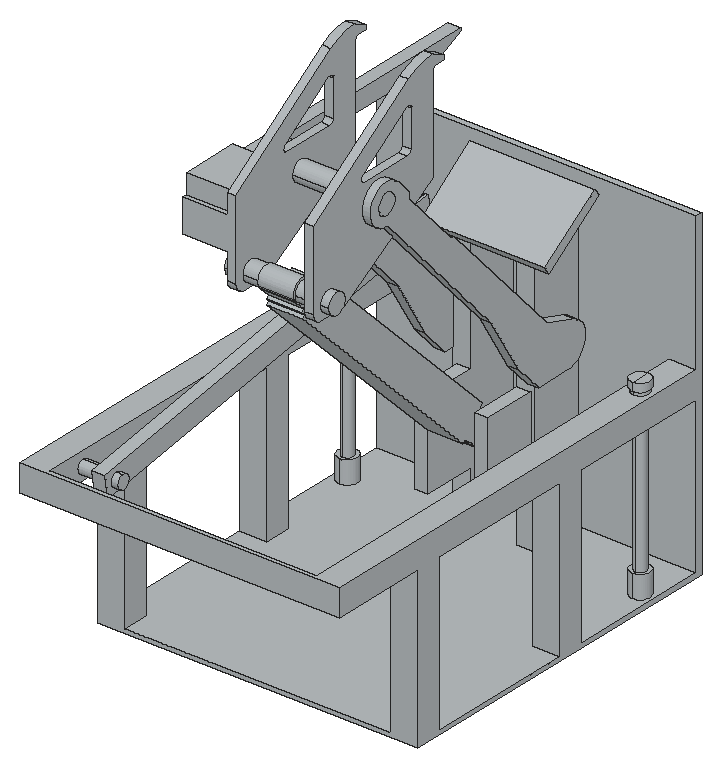
Revit family "DockEquipment_Restraint_Pentalift_MFR32SA", category Specialty Equipment, Revit 2026
Family settings
  Round Connector Dimension = Use Diameter
  Part Type = Normal
  Work Plane-Based = Yes
  Enable Cutting in Views = No
  Always vertical = No
  Cut with Voids When Loaded = No
  Maintain Annotation Orientation = No
  Shared = No
  Room Calculation Point = No
Parameters
  offset [instance] = 0' - 0"
  Warranty Duration (Years) = 0
  Unit Width = 1' - 6"
  Unit Height = 1' - 6 1/4"
  Unit Depth = 2' - 1 1/2"
  URL = "http://www.pentalift.com/index.php"
  Specification = ""
  SpecWizard = ""
  Send Message = "http://www.arcat.com/users.pl?action=UserEmail&company=Pentalift Equipment Corp.&coid=34752&rep=119&fax=519-763-2894&mf="
  Sales Information = "http://www.pentalift.com/about-us.htm"
  Revision = "R1_01-2012"
  Product Properties = ""
  Product Data = "http://www.arcat.com/arcatcos/cos34/arc34752.html"
  Model = "As Specified"
  Material = Metal - Steel - Pentalift - Galvanized
  Manufacturer Website = "http://www.pentalift.com/index.php"
  Manufacturer Phone - Toll Free = ""
  Manufacturer Phone = "519-763-3625 "
  Manufacturer Fax = "519-763-2894"
  Manufacturer Address = "21 Nicholas Beaver Rd. Guelph, ON, Canada N1H 6H9 "
  Manufacturer = "Pentalift Equipment Corp."
  Maintenance Schedule (Months) = 0
  Keynote = "11160"
  Installation-Fabrication = ""
  Installation Phase = ""
  Green Building-LEED = ""
  Expected Lifespan (Years) = 0
  Drawn By = "Sumex Design, Inc. / Robert S. Weygant, CSI, CDT, SCIP"
  Description = "Pentalift Dock Equipment as Specified"
  Default Elevation = 4' - 0"
  Copyright = "©Arcat Inc."
  Construction Details = "http://www.arcat.com/details/pentalif/pentalif.html?coid=34752"
  Assembly Code = "E1030300"
  Arm Angle [instance] = 45.00°
Reference planes (in)
  plane 1 "Center (Front/Back)": y = 0
  plane 2 "Bottom": z = 0
  plane 3 "Center (Left/Right)": x = 0
  plane 4 "Front": y = -12.75
  plane 5 "Back": y = 12.75
  plane 6 "Left": x = -9
  plane 7 "Right": x = 9
  plane 8 "Top": z = 18.25
  plane 9: z = 10.5
  plane 10: x = -8.25
  plane 11: x = 8.25
  plane 12: z = 6.75
  plane 13: z = 10.25
Forms (in)
  Sweep 1, solid, material "Metal - Steel - Pentalift - Galvanized" <- "Material"
    path origin (-9, 0, 0) x (0, 1, 0) y (0, 0, 1)
      loop
        line (12.75, 10.5) -> (-12.75, 10.5)
    profile origin (-9, 0, 10.5) x (0, 0, -1) y (1, 0, 0)
      loop
        line (0, 0) -> (1.5, 0) -> (1.5, 1.5) -> (0, 1.5) -> (0, 0)
  Sweep 2, solid, material "Metal - Steel - Pentalift - Galvanized" <- "Material"
    path origin (9, 16.34522, 48) x (0, 1, 0) y (0, 0, 1)
      loop
        line (-3.59522, -37.5) -> (-29.09522, -37.5)
    profile origin (9, 0, 10.5) x (0, 0, -1) y (1, 0, 0)
      loop
        line (0, 0) -> (0, -1.5) -> (1.5, -1.5) -> (1.5, 0) -> (0, 0)
  Extrusion 3, solid, material "Metal - Steel - Pentalift - Galvanized" <- "Material"
    sketch origin (-9, 0, 0) x (0, 1, 0) y (0, 0, 1)
      loop
        line (12.75, 18.25) -> (12.375, 18.25) -> (12.375, 0.25) -> (-7.25, 0.25) -> (-7.25, 0) -> (12.75, 0) -> (12.75, 18.25)
    from 0 to 18
  Extrusion 4, solid, material "Metal - Steel - Pentalift - Galvanized" <- "Material"
    sketch origin (0, 0, 0) x (1, 0, 0) y (0, 1, 0)
      loop
        line (-7.5, 2.75) -> (-7.5, 4.25) -> (-9, 4.25) -> (-9, 2.75) -> (-7.5, 2.75)
      loop
        line (7.5, 2.75) -> (9, 2.75) -> (9, 4.25) -> (7.5, 4.25) -> (7.5, 2.75)
      loop
        line (-7.5, -7.25) -> (-7.5, -5.75) -> (-9, -5.75) -> (-9, -7.25) -> (-7.5, -7.25)
      loop
        line (7.5, -7.25) -> (9, -7.25) -> (9, -5.75) -> (7.5, -5.75) -> (7.5, -7.25)
    from 0 to 10.5
  Extrusion 5, solid, material "Metal - Steel - Pentalift - Galvanized" <- "Material"
    sketch origin (0, -0.12502, 0) x (1, 0, 0) y (0, 1, 0)
      loop
        line (-2.3125, 12.5) -> (-2.3125, 9.5) -> (-1.3125, 9.5) -> (-1.3125, 12.5) -> (-2.3125, 12.5)
      loop
        line (2.3125, 12.5) -> (1.3125, 12.5) -> (1.3125, 9.5) -> (2.3125, 9.5) -> (2.3125, 12.5)
    from 0 to 15.27438
  Extrusion 6, solid, material "Metal - Steel - Pentalift - Galvanized" <- "Material"
    sketch origin (0, -0.12502, 0) x (0, 1, 0) y (0, 0, 1)
      loop
        line (12.21321, 17.78458) -> (8.73182, 15.34688) -> (9.0186, 14.9373) -> (12.5, 17.375) -> (12.21321, 17.78458)
    from -3.5 to 3.5
  Extrusion 7, solid, material "Metal - Steel - Pentalift - Galvanized" <- "Material"
    sketch origin (-9, 16.34522, 48) x (0, 1, 0) y (0, 0, 1)
      loop
        line (-29.09522, -39) -> (-28.84522, -39) -> (-28.84522, -37.5) -> (-29.09522, -37.5) -> (-29.09522, -39)
    from 0 to 18
  Revolve 8, solid, material "Metal - Steel - Pentalift - Galvanized" <- "Material"
    sketch origin (-8.25, -180, 7.53057) x (0, 0, -1) y (0, -1, 0)
      loop
        line (7.28057, -189.37498) -> (7.28057, -188.8335) -> (6.03057, -188.8335) -> (6.03057, -189.0625) -> (-2.96943, -189.0625) -> (-2.96943, -188.9145) -> (-3.17243, -188.9145) -> (-3.17243, -188.8335) -> (-3.61643, -188.8335) -> (-3.61643, -189.37498) -> (7.28057, -189.37498)
      axis (-3.61643, -189.37498) -> (7.28057, -189.37498)
    angle from 0 to 360
  Revolve 9, solid, material "Metal - Steel - Pentalift - Galvanized" <- "Material"
    sketch origin (8.25, -180, 7.28057) x (0, 0, -1) y (0, -1, 0)
      loop
        line (7.03057, -189.37498) -> (7.03057, -188.8335) -> (5.78057, -188.8335) -> (5.78057, -189.0625) -> (-3.21943, -189.0625) -> (-3.21943, -188.9145) -> (-3.42243, -188.9145) -> (-3.42243, -188.8335) -> (-3.86643, -188.8335) -> (-3.86643, -189.37498) -> (7.03057, -189.37498)
      axis (-3.86643, -189.37498) -> (7.03057, -189.37498)
    angle from 0 to 360
  Extrusion 10, solid, material "Metal - Steel - Pentalift - Galvanized" <- "Material"
    sketch origin (0, 0, 0) x (0, 1, 0) y (0, 0, 1)
      loop
        line (6.37498, 8.25) -> (6.37498, 3.25) -> (9.37498, 3.25) -> (9.37498, 8.25) -> (6.37498, 8.25)
    from -1.3125 to -2.0625
  Extrusion 11, solid, material "Metal - Steel - Pentalift - Galvanized" <- "Material"
    sketch origin (0, 0, 0) x (0, 1, 0) y (0, 0, 1)
      loop
        line (6.37498, 8.25) -> (6.37498, 3.25) -> (9.37498, 3.25) -> (9.37498, 8.25) -> (6.37498, 8.25)
    from 1.3125 to 2.0625
  Extrusion 12, solid, material "Metal - Steel - Pentalift - Galvanized" <- "Material"
    sketch origin (0, 10.875, 10.25) x (0, -0.707107, 0.707107) y (0, -0.707107, -0.707107)
      loop
        line (16.5939, -0.80727) -> (16.85622, -1.07069) -> (17.94534, -1.12367)
        arc (17.94534, -1.12367) -> (19.04808, 0.40883) -> (17.19891, 0.78986) r 1.125
        line (17.19891, 0.78986) -> (6.32199, 1.319) -> (2.58493, 2.22134) -> (0.55818, 2.31994) -> (-0.88203, 0.88573)
        arc (-0.88203, 0.88573) -> (-1.01344, -0.73174) -> (0.56323, -1.11592) r 1.25
        line (0.56323, -1.11592) -> (2.30413, -0.23724) -> (11.98018, -0.70797) -> (12.23372, -0.59515) -> (16.5939, -0.80727)
    from 2.9375 to 2.3125
  Extrusion 13, solid, material "Metal - Steel - Pentalift - Galvanized" <- "Material"
    sketch origin (0, -5.35292, 19.47792) x (0, 0.707107, -0.707107) y (0, 0.707107, 0.707107)
      loop
        line (1.50897, 1) -> (1.50818, 0.62185) -> (0.00261, 0.62499)
        arc (0.00261, 0.62499) -> (-0.62499, 0.00261) -> (-0.00261, -0.62499) r 0.625
        line (-0.00261, -0.62499) -> (0.75041, -0.62657) -> (0.75, -0.8211) -> (1.00037, -0.82163) -> (1, -1) -> (16.99581, -1) -> (16.99621, -0.81001) -> (17.25, -0.81054) -> (17.25013, -0.74843) -> (17.99687, -0.74999)
        arc (17.99687, -0.74999) -> (18.74999, -0.00313) -> (18.00313, 0.74999) r 0.75
        line (18.00313, 0.74999) -> (16.87842, 0.75234) -> (16.87894, 1) -> (1.50897, 1)
    from -1 to 1
  Extrusion 14, solid, material "Metal - Steel - Pentalift - Galvanized" <- "Material"
    sketch origin (0, 10.875, 10.25) x (0, -0.707107, 0.707107) y (0, -0.707107, -0.707107)
      loop
        line (16.5939, -0.80727) -> (16.85622, -1.07069) -> (17.94534, -1.12367)
        arc (17.94534, -1.12367) -> (19.04808, 0.40883) -> (17.19891, 0.78986) r 1.125
        line (17.19891, 0.78986) -> (6.32199, 1.319) -> (2.58493, 2.22134) -> (0.55818, 2.31994) -> (-0.88203, 0.88573)
        arc (-0.88203, 0.88573) -> (-1.01344, -0.73174) -> (0.56323, -1.11592) r 1.25
        line (0.56323, -1.11592) -> (2.30413, -0.23724) -> (11.98018, -0.70797) -> (12.23372, -0.59515) -> (16.5939, -0.80727)
    from -2.9375 to -2.3125
  Sweep 15, solid, material "Metal - Steel - Pentalift - Galvanized" <- "Material"
    path origin (-8.25, -180, 7.53057) x (0, 0, -1) y (0, -1, 0)
      loop
        line (-6.2895, -191.46991) -> (-2.73061, -169)
    profile origin (-8.25, 0.23495, 12.04063) x (0, -0.156434, 0.987688) y (-1, 0, 0)
      loop
        line (0, -1.875) -> (-1.25, -1.875) -> (-1.25, -2.625) -> (0, -2.625) -> (0, -1.875)
  Extrusion 16, solid, material "Metal - Steel - Pentalift - Galvanized" <- "Material"
    sketch origin (-6.375, 11.46991, 13.82007) x (0, -0.987688, -0.156434) y (1, 0, 0)
      loop
        line (0, -0.375) -> (1.5, -0.375) -> (1.5, 1.125) -> (0, 1.125) -> (0, -0.375)
      loop
        line (1.375, 1) -> (0.125, 1) -> (0.125, -0.25) -> (1.375, -0.25) -> (1.375, 1)
    from 0 to 1
  Extrusion 17, solid, material "Metal - Steel - Pentalift - Galvanized" <- "Material"
    sketch origin (-8.25, -180, 7.53057) x (0, 0, -1) y (0, -1, 0)
      loop
        circle (-2.23363, -169.78013) r 0.37372
    from 0 to -3.04584
Cuts and joins
  joined: Sweep 1, Sweep 2, Extrusion 3, Extrusion 4, Extrusion 5, Extrusion 6, Extrusion 7, Revolve 8, Revolve 9, Extrusion 10, Extrusion 11, Sweep 15, Extrusion 17
Lines and regions (in)
  reference lines
    curve 1: line (0, 10.875, 10.25) -> (0, -1.85292, 22.97792)
    curve 2: line (0, -5.35292, 19.47792) -> (0, 7.375, 6.75)
Dimensions and locks (in)
  equal spacing: plane 6 "Left", plane 3 "Center (Left/Right)", plane 7 "Right"
  "Unit Width": plane 6 "Left" to plane 7 "Right"
  equal spacing: plane 5 "Back", plane 1 "Center (Front/Back)", plane 4 "Front"
  "Unit Depth": plane 5 "Back" to plane 4 "Front"
  "Unit Height": plane 8 "Top" to level
  locked: plane 9 to level at 10.5
  locked: plane 5 "Back" to curve 1 at 1.875
  locked: plane 5 "Back" to curve 2 at 5.375
  "Arm Angle": angle plane 12 to curve 2
  "Arm Angle": angle plane 13 to curve 1
  aligned and locked: plane 7 "Right" to Extrusion 3
  aligned and locked: plane 7 "Right" to Extrusion 7
Automatic sketch dimensions
  Sweep 1 sketch curve to plane 4 "Front" = 0' - 0"
  Sweep 1 sketch curve to plane 5 "Back" = 0' - 0"
  Sweep 1 sketch curve to plane 9 = 0' - 0"
  Sweep 1 sketch curve to profile plane = 0' - 0"
  Sweep 1 sketch curve to plane 6 "Left" = 0' - 0"
  Sweep 1 sketch curve to profile plane = 0' - 1 1/2"
  Sweep 1 sketch curve to Sweep 1 sketch curve = 0' - 1 1/2"
  Sweep 2 sketch curve to plane 4 "Front" = 0' - 0"
  Sweep 2 sketch curve to plane 5 "Back" = 0' - 0"
  Sweep 2 sketch curve to plane 9 = 0' - 0"
  Sweep 2 sketch curve to profile plane = 0' - 0"
  Sweep 2 sketch curve to plane 7 "Right" = 0' - 0"
  Sweep 2 sketch curve to profile plane = 0' - 1 1/2"
  Sweep 2 sketch curve to plane 7 "Right" = 0' - 1 1/2"
  Extrusion 3 sketch curve to level = 0' - 0"
  Extrusion 3 sketch curve to plane 8 "Top" = 0' - 0"
  Extrusion 3 sketch curve to plane 5 "Back" = 0' - 0"
  Extrusion 3 sketch curve to plane 5 "Back" = 0' - 0 3/8"
  level to Extrusion 3 sketch curve = 0' - 0 1/4"
  plane 4 "Front" to Extrusion 3 sketch curve = 0' - 5 1/2"
  Extrusion 4 sketch curve to plane 6 "Left" = 0' - 0"  (x2)
  Extrusion 4 sketch curve to plane 7 "Right" = 0' - 0"  (x2)
  Extrusion 4 sketch curve to plane 10 = 0' - 0 3/4"  (x2)
  Extrusion 4 sketch curve to plane 11 = 0' - 0 3/4"  (x2)
  plane 4 "Front" to Extrusion 4 sketch curve = 0' - 5 1/2"  (x2)
  Extrusion 4 sketch curve to Extrusion 4 sketch curve = 0' - 1 1/2"  (x4)
  Extrusion 4 sketch curve to plane 1 "Center (Front/Back)" = 0' - 2 3/4"  (x2)
  curve 2 to plane 12 = 0' - 0"
  curve 1 to plane 13 = 0' - 0"
  Extrusion 5 sketch curve to plane 3 "Center (Left/Right)" = 0' - 2 5/16"
  Extrusion 5 sketch curve to Extrusion 5 sketch curve = 0' - 1"  (x2)
  plane 3 "Center (Left/Right)" to Extrusion 5 sketch curve = 0' - 1 5/16"
  Extrusion 5 sketch curve to plane 5 "Back" = 0' - 3.37502"  (x2)
  Extrusion 5 sketch curve to plane 5 "Back" = 0' - 0.37502"  (x2)
  Extrusion 6 sketch curve to plane 5 "Back" = 0' - 4.1432"
  Extrusion 6 sketch curve to Extrusion 6 sketch curve = 0' - 0.28679"
  Extrusion 6 sketch curve to plane 5 "Back" = 0' - 0.66181"
  Extrusion 6 sketch curve to plane 8 "Top" = 0' - 3.3127"
  Extrusion 6 sketch curve to Extrusion 6 sketch curve = 0' - 0.40958"
  Extrusion 7 sketch curve to plane 4 "Front" = 0' - 0"
  Extrusion 7 sketch curve to plane 9 = 0' - 0"
  plane 4 "Front" to Extrusion 7 sketch curve = 0' - 0 1/4"
  Extrusion 7 sketch curve to plane 13 = 0' - 1 1/4"
  Revolve 8 sketch curve to plane 9 = 0' - 0"
  plane 9 to Revolve 8 sketch curve = 0' - 0.203"
  Revolve 8 sketch curve to Revolve 8 sketch curve = 0' - 0.444"
  Revolve 8 sketch curve to Revolve 8 sketch curve = 0' - 3"
  level to Revolve 8 sketch curve = 0' - 1 1/2"
  level to Revolve 8 sketch curve = 0' - 0 1/4"
  Revolve 8 sketch curve to level = 0' - 0.603"
  Revolve 8 sketch curve to plane 5 "Back" = 0' - 3.37502"
  Revolve 8 sketch curve to Revolve 8 sketch curve = 0' - 0"
  Revolve 8 sketch curve to Revolve 8 sketch curve = 0' - 0.31248"
  Revolve 8 sketch curve to Revolve 8 sketch curve = 0' - 0.148"
  Revolve 8 sketch curve to Revolve 8 sketch curve = 0' - 0.229"
  Revolve 8 sketch curve to Revolve 8 sketch curve = 0' - 0.081"
  Revolve 9 sketch curve to plane 9 = 0' - 0"
  Revolve 9 sketch curve to plane 9 = 0' - 0.203"
  Revolve 9 sketch curve to Revolve 9 sketch curve = 0' - 0.444"
  Revolve 9 sketch curve to Revolve 9 sketch curve = 0' - 3"
  Revolve 9 sketch curve to level = 0' - 1 1/2"
  Revolve 9 sketch curve to level = 0' - 0 1/4"
  level to Revolve 9 sketch curve = 0' - 0.603"
  plane 5 "Back" to Revolve 9 sketch curve = 0' - 3.37502"
  Revolve 9 sketch curve to Revolve 9 sketch curve = 0' - 0"
  Revolve 9 sketch curve to Revolve 9 sketch curve = 0' - 0.31248"
  Revolve 9 sketch curve to Revolve 9 sketch curve = 0' - 0.148"
  Revolve 9 sketch curve to Revolve 9 sketch curve = 0' - 0.229"
  Revolve 9 sketch curve to Revolve 9 sketch curve = 0' - 0.081"
  Extrusion 10 sketch curve to plane 1 "Center (Front/Back)" = 0' - 6.37498"
  Extrusion 10 sketch curve to Extrusion 10 sketch curve = 0' - 3"
  level to Extrusion 10 sketch curve = 0' - 3 1/4"
  plane 12 to Extrusion 10 sketch curve = 0' - 1 1/2"
  Extrusion 11 sketch curve to plane 1 "Center (Front/Back)" = 0' - 6.37498"
  Extrusion 11 sketch curve to Extrusion 11 sketch curve = 0' - 3"
  level to Extrusion 11 sketch curve = 0' - 3 1/4"
  plane 12 to Extrusion 11 sketch curve = 0' - 1 1/2"
  Extrusion 12 sketch curve to curve 1 = 0' - 0"  (x4)
  Extrusion 12 sketch curve to curve 1 = 0' - 0.88203"
  curve 1 to Extrusion 12 sketch curve = 0' - 0.55818"
  curve 1 to Extrusion 12 sketch curve = 0' - 0.56323"
  curve 1 to Extrusion 12 sketch curve = 0' - 0.23724"
  Extrusion 12 sketch curve to Extrusion 12 sketch curve = 0' - 1.7409"
  Extrusion 12 sketch curve to Extrusion 12 sketch curve = 0' - 2.02675"
  Extrusion 12 sketch curve to curve 1 = 0' - 1.319"
  Extrusion 12 sketch curve to Extrusion 12 sketch curve = 0' - 3.73706"
  curve 1 to Extrusion 12 sketch curve = 0' - 0.70797"
  Extrusion 12 sketch curve to Extrusion 12 sketch curve = 0' - 5.65819"
  curve 1 to Extrusion 12 sketch curve = 0' - 0.59515"
  Extrusion 12 sketch curve to Extrusion 12 sketch curve = 0' - 0.25354"
  Extrusion 12 sketch curve to curve 1 = 0' - 1.4061"
  Extrusion 12 sketch curve to Extrusion 12 sketch curve = 0' - 0.26232"
  Extrusion 12 sketch curve to curve 1 = 0' - 0.80109"
  Extrusion 12 sketch curve to curve 1 = 0' - 0.05466"
  curve 1 to Extrusion 12 sketch curve = 0' - 0.80727"
  Extrusion 12 sketch curve to Extrusion 12 sketch curve = 0' - 0.26342"
  Extrusion 12 sketch curve to curve 1 = 0' - 1.11592"
  Extrusion 12 sketch curve to curve 1 = 0' - 1.12367"
  Extrusion 12 sketch curve to curve 1 = 0' - 2.22134"
  curve 1 to Extrusion 12 sketch curve = 0' - 2.31994"
  Extrusion 13 sketch curve to curve 2 = 0' - 0"  (x4)
  Extrusion 13 sketch curve to curve 2 = 0' - 0.00261"
  curve 2 to Extrusion 13 sketch curve = 0' - 0.00261"
  curve 2 to Extrusion 13 sketch curve = 0' - 0 3/4"
  curve 2 to Extrusion 13 sketch curve = 0' - 0.62657"
  Extrusion 13 sketch curve to Extrusion 13 sketch curve = 0' - 0.00041"
  Extrusion 13 sketch curve to Extrusion 13 sketch curve = 0' - 0 1/4"
  curve 2 to Extrusion 13 sketch curve = 0' - 0.82163"
  Extrusion 13 sketch curve to Extrusion 13 sketch curve = 0' - 0.00037"
  Extrusion 13 sketch curve to curve 2 = 0' - 0.62185"
  Extrusion 13 sketch curve to Extrusion 13 sketch curve = 0' - 0.75778"
  Extrusion 13 sketch curve to Extrusion 13 sketch curve = 0' - 0.00079"
  Extrusion 13 sketch curve to curve 2 = 0' - 1.12158"
  Extrusion 13 sketch curve to Extrusion 13 sketch curve = 0' - 0.00052"
  Extrusion 13 sketch curve to curve 2 = 0' - 1.00419"
  curve 2 to Extrusion 13 sketch curve = 0' - 0.81001"
  Extrusion 13 sketch curve to Extrusion 13 sketch curve = 0' - 0.0004"
  Extrusion 13 sketch curve to Extrusion 13 sketch curve = 0' - 0.25379"
  curve 2 to Extrusion 13 sketch curve = 0' - 0.74843"
  Extrusion 13 sketch curve to curve 2 = 0' - 0.00313"
  curve 2 to Extrusion 13 sketch curve = 0' - 0.00313"
  Extrusion 14 sketch curve to curve 1 = 0' - 0"  (x4)
  Extrusion 14 sketch curve to curve 1 = 0' - 0.88203"
  curve 1 to Extrusion 14 sketch curve = 0' - 0.55818"
  curve 1 to Extrusion 14 sketch curve = 0' - 0.56323"
  curve 1 to Extrusion 14 sketch curve = 0' - 0.23724"
  Extrusion 14 sketch curve to Extrusion 14 sketch curve = 0' - 1.7409"
  Extrusion 14 sketch curve to Extrusion 14 sketch curve = 0' - 2.02675"
  Extrusion 14 sketch curve to curve 1 = 0' - 1.319"
  Extrusion 14 sketch curve to Extrusion 14 sketch curve = 0' - 3.73706"
  curve 1 to Extrusion 14 sketch curve = 0' - 0.70797"
  Extrusion 14 sketch curve to Extrusion 14 sketch curve = 0' - 5.65819"
  curve 1 to Extrusion 14 sketch curve = 0' - 0.59515"
  Extrusion 14 sketch curve to Extrusion 14 sketch curve = 0' - 0.25354"
  Extrusion 14 sketch curve to curve 1 = 0' - 1.4061"
  Extrusion 14 sketch curve to Extrusion 14 sketch curve = 0' - 0.26232"
  Extrusion 14 sketch curve to curve 1 = 0' - 0.80109"
  Extrusion 14 sketch curve to curve 1 = 0' - 0.05466"
  curve 1 to Extrusion 14 sketch curve = 0' - 0.80727"
  Extrusion 14 sketch curve to Extrusion 14 sketch curve = 0' - 0.26342"
  Extrusion 14 sketch curve to curve 1 = 0' - 1.11592"
  Extrusion 14 sketch curve to curve 1 = 0' - 1.12367"
  Extrusion 14 sketch curve to curve 1 = 0' - 2.22134"
  curve 1 to Extrusion 14 sketch curve = 0' - 2.31994"
  Sweep 15 sketch curve to plane 10 = 0' - 1 7/8"
  Sweep 15 sketch curve to profile plane = 0' - 0"
  Sweep 15 sketch curve to plane 10 = 0' - 2 5/8"
  profile plane to Sweep 15 sketch curve = 0' - 1 1/4"
  Sweep 15 sketch curve to plane 5 "Back" = 0' - 1.28009"
  plane 9 to Sweep 15 sketch curve = 0' - 3.32007"
  plane 13 to Sweep 15 sketch curve = 0' - 0.01118"
  plane 4 "Front" to Sweep 15 sketch curve = 0' - 1 3/4"
  Extrusion 16 sketch curve to Sweep 15 = 0' - 0"
  Sweep 15 to Extrusion 16 sketch curve = 0' - 1 1/2"
  Extrusion 16 sketch curve to Sweep 15 = 0' - 0 3/8"
  Sweep 15 to Extrusion 16 sketch curve = 0' - 0 3/8"
  Sweep 15 to Extrusion 16 sketch curve = 0' - 0 1/8"
  Extrusion 16 sketch curve to Extrusion 16 sketch curve = 0' - 0 1/8"  (x3)
  Extrusion 17 sketch curve to plane 13 = 0' - 0.4858"
  plane 4 "Front" to Extrusion 17 sketch curve = 0' - 2.53013"
  radius of Extrusion 17 sketch curve = 0' - 0.37372"
Nested families (in)
  nested 1: "Hook_HFR32" at (0, -30.72792, 19.47792), Material <- "Material", type "Hook_HFR32"
    with offset 0' - 0", Material Metal - Steel - Pentalift - Galvanized
Definition of nested family "Hook_HFR32"
  Parameters
    offset [instance] = 0' - 0"
    Warranty Duration (Years) = 0
    Unit Width = 1' - 3 1/8"
    Unit Height = 1' - 5"
    Unit Depth = 4' - 8 1/4"
    URL = "http://www.pentalift.com/index.php"
    Specification = ""
    SpecWizard = ""
    Send Message = "http://www.arcat.com/users.pl?action=UserEmail&company=Pentalift Equipment Corp.&coid=34752&rep=119&fax=519-763-2894&mf="
    Sales Information = "http://www.pentalift.com/about-us.htm"
    Revision = "R1_01-2012"
    Product Properties = ""
    Product Data = "http://www.arcat.com/arcatcos/cos34/arc34752.html"
    Model = "As Specified"
    Material [instance] = none
    Manufacturer Website = "http://www.pentalift.com/index.php"
    Manufacturer Phone - Toll Free = ""
    Manufacturer Phone = "519-763-3625 "
    Manufacturer Fax = "519-763-2894"
    Manufacturer Address = "21 Nicholas Beaver Rd. Guelph, ON, Canada N1H 6H9 "
    Manufacturer = "Pentalift Equipment Corp."
    Maintenance Schedule (Months) = 0
    Keynote = "11160"
    Installation-Fabrication = ""
    Installation Phase = ""
    Green Building-LEED = ""
    Expected Lifespan (Years) = 0
    Drawn By = "Sumex Design, Inc. / Robert S. Weygant, CSI, CDT, SCIP"
    Description = "Pentalift Dock Equipment as Specified"
    Default Elevation = 4' - 0"
    Copyright = "©Arcat Inc."
    Construction Details = "http://www.arcat.com/details/pentalif/pentalif.html?coid=34752"
    Assembly Code = "E1030300"
  Reference planes (in)
    plane 1 "Center (Front/Back)": y = 0
    plane 2 "Bottom": z = 0
    plane 3 "Center (Left/Right)": x = 0
    plane 4 "Back": y = 25.375
    plane 5 "Left": x = 0
  Forms (in)
    Extrusion 1, solid, material <- "Material"
      sketch origin (0, 0, 0) x (0, 1, 0) y (0, 0, 1)
        loop
          arc (32.74573, 9.18932) -> (31.87052, 9.05882) -> (31.07146, 8.67866) r 3
          line (31.07146, 8.67866) -> (24.375, 4.17479) -> (24.375, -0.31068)
          arc (24.375, -0.31068) -> (24.52145, -0.66423) -> (24.875, -0.81068) r 0.5
          line (24.875, -0.81068) -> (26.49742, -0.81068) -> (32.74573, 2.94264) -> (32.74573, 8.31432)
          arc (32.74573, 8.31432) -> (32.81895, 8.4911) -> (32.99573, 8.56432) r 0.25
          line (32.99573, 8.56432) -> (33.49573, 8.56432) -> (33.49573, 8.81432) -> (32.74573, 9.18932)
        loop
          arc (31.24573, 7.12131) -> (31.11324, 7.34197) -> (30.85621, 7.32875) r 0.25
          line (30.85621, 7.32875) -> (27.79784, 5.27177)
          arc (27.79784, 5.27177) -> (27.69824, 4.99139) -> (27.93736, 4.81432) r 0.25
          line (27.93736, 4.81432) -> (30.99573, 4.81432)
          arc (30.99573, 4.81432) -> (31.17251, 4.88755) -> (31.24573, 5.06432) r 0.25
          line (31.24573, 5.06432) -> (31.24573, 7.12131)
      from 1.9375 to 2.4375
    Extrusion 2, solid, material <- "Material"
      sketch origin (0, 0, 0) x (0, 1, 0) y (0, 0, 1)
        loop
          arc (32.74573, 9.18932) -> (31.87052, 9.05882) -> (31.07146, 8.67866) r 3
          line (31.07146, 8.67866) -> (24.375, 4.17479) -> (24.375, -0.31068)
          arc (24.375, -0.31068) -> (24.52145, -0.66423) -> (24.875, -0.81068) r 0.5
          line (24.875, -0.81068) -> (26.49742, -0.81068) -> (32.74573, 2.94264) -> (32.74573, 8.31432)
          arc (32.74573, 8.31432) -> (32.81895, 8.4911) -> (32.99573, 8.56432) r 0.25
          line (32.99573, 8.56432) -> (33.49573, 8.56432) -> (33.49573, 8.81432) -> (32.74573, 9.18932)
        loop
          arc (31.24573, 7.12131) -> (31.11324, 7.34197) -> (30.85621, 7.32875) r 0.25
          line (30.85621, 7.32875) -> (27.79784, 5.27177)
          arc (27.79784, 5.27177) -> (27.69824, 4.99139) -> (27.93736, 4.81432) r 0.25
          line (27.93736, 4.81432) -> (30.99573, 4.81432)
          arc (30.99573, 4.81432) -> (31.17251, 4.88755) -> (31.24573, 5.06432) r 0.25
          line (31.24573, 5.06432) -> (31.24573, 7.12131)
      from -1.9375 to -2.4375
    Extrusion 3, solid, material <- "Material"
      sketch origin (0, 0, 0) x (0, 1, 0) y (0, 0, 1)
        loop
          circle (25.375, 0) r 0.5625
        loop
          circle (28.875, 3.5) r 0.5625
      from -2.9375 to 2.9375
    Extrusion 4, solid, material <- "Material"
      sketch origin (0, 0, 0) x (0, 1, 0) y (0, 0, 1)
        loop
          arc (25.375, 4) -> (24.875, 3.5) -> (25.375, 3) r 0.5
          line (25.375, 3) -> (40.56699, 3) -> (42.56699, 3.875) -> (42.56699, 4) -> (25.375, 4)
      from -4.5625 to -3.8125
    Extrusion 5, solid, material <- "Material"
      sketch origin (0, 0, 0) x (0, 1, 0) y (0, 0, 1)
        loop
          line (27.875, 4.19041) -> (24.625, 4.19041) -> (24.625, 3.06541) -> (24.375, 3.06541) -> (24.375, 1.19041) -> (29.65453, 1.19041) -> (29.65453, 2.69041) -> (27.875, 2.69041) -> (27.875, 4.19041)
      from -2.4375 to -4.9375
  Cuts and joins
    joined: Extrusion 1, Extrusion 2, Extrusion 3, Extrusion 4, Extrusion 5
